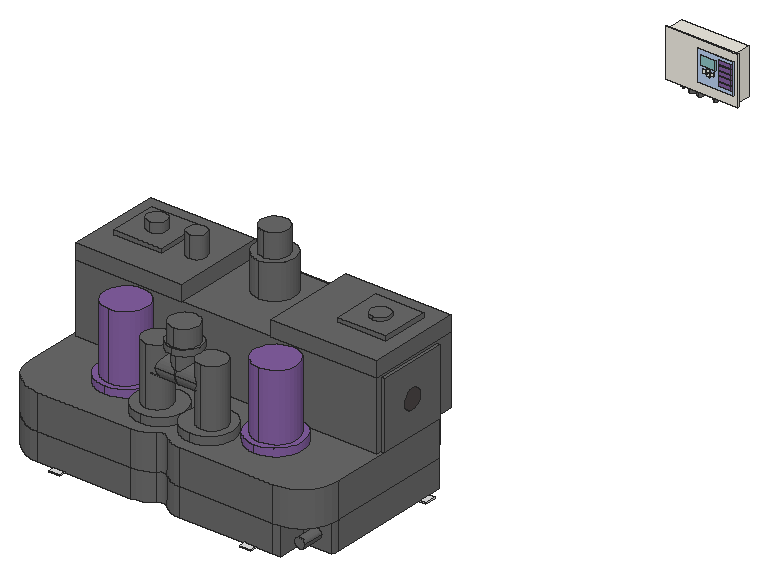
Revit family "11090", category Generic Models, Revit 2021
Family settings
  Can host rebar = No
  Round Connector Dimension = Use Diameter
  Part Type = Normal
  Work Plane-Based = No
  Always vertical = Yes
  Cut with Voids When Loaded = No
  Shared = Yes
  Room Calculation Point = No
Parameters (values of type "11090")
  SUPPLIER = "KESSEL"
  SA700ID49 = "Protection Class I"
  SA700ID48 = "no"
  SA700ID47 = "no"
  SA700ID46 = "yes"
  SA700ID37 = 7000 mm
  SA700ID34 = 38
  SA700ID33 = 1.6 W
  SA700ID32 = 110.79 kg
  SA700ID31 = 1
  SA700ID30 = 2
  SA700ID29 = "RWDR"
  SA700ID21 = 700
  SA700ID10 = "No"
  SA700ID08 = 230 V
  PROCUREWEBLINK = "https://p.caden.as/kessel/11090"
  PROCURELINK = "p.caden.as/kessel/11090"
  PROCUREDATALASTUPDATE = "2024-05-22T12:17:47.905563463+01:00"
  PREVIEW = "../../bilder/ksb_w_11090.png"
  PRC_SPECIFICATIONLINK = "https://ausschreiben.de/catalog/kessel/catalogItem/8577a815-670f-4fc5-bcee-faf0faf70304"
  NN = "Lifting station Aqualift F XL"
  NBSYN = "$SA810ID03."
  NB = "11090"
  Model = "11090"
  Manufacturer = "KESSEL"
  MIdent = "{$CADENAS_DATA/23d-libs/kessel/kessel_vdi_import/4/entwaesserung/hebeanlage20aqualift20f20xl.prj},200 {STYP=ASS},{VTYP=3D},{NB=11090},{LINA=11090},{NN=Lifting station Aqualift F XL},{DATE=21.11.2022 10:48:11},{GEOMDATE=21.11.2022 10:48:11},{VERSION=},{LINEID=90},{WBVAR=LODLEVEL},{WBNUMERIC=LODLEVEL}  {NB=11090},{LINA=11090},{KT=DUMMY},{PREVIEW=../../bilder/ksb_w_11090.png},{SA700ID04=Hebeanlage Aqualift F XL 300 l, Duo, SPF 1400-S1},{SA810ID06=04026092057575},{SA700ID34=38.00},{SA010ID03=201805},{SA810ID03=11090},{SA810ID10=Aqualift F XL 1400W-S1 Duo 300L o.S.KESSEL Aqualift F XL Hebeanlage für fäkalienhaltiges und fäkalienfreies Abwasser. Zur Aufstellung in frostgeschützten Räumen.Duoanlage mit zwei Pumpen des Typs SPF 1400-S1 Sammelbehälter aus Polyethylen, mit verschraubter Reinigungsöffnung,Anschlussstutzen für Zulauf von oben DN100/150.Inklusive Tauchrohr zur pneumatischen Niveauerfassung,Entlüftungsanschluss DN 70 und Anschluss für eine Handmembranpumpe DN 32.Behälter inklusive Haltewinkel zur Auftriebssicherung.Behältervolumen 300 Liter, max. Nutzvolumen bei Zulauf von oben ca. 175 Liter.Zwei seitliche und drei rückseitige Anbohrflächen zur Montage weiterer Zuläufe bis DN 200 unter Verwendung von Durchgangsdichtungen.Inklusive KESSEL Schaltgerät Aqualift Comfort 230 V.Anwenderfreundliche Menüführung im mehrzeiligem Display. MitSelbstdiagnosesystem (SDS) und Erinnerungsfunktion für nächste Wartung.Anzeige der aktuellen Messwerte. Einfache Einstellung derfunktionsrelevanten Parameter, inklusive Betriebsstundenzähler und Anschlussmöglichkeit für potentialfreien Kontakt. OptionaleWeiterleitung von Alarm- und Sammelstörmeldung über GSM Schnittstelle.Schaltgerät mit Volltextanzeige in sechs Sprachen.Abwasserpumpe(n) mit Freistromrad zur Förderung von fäkalienfreiem und fäkalienhaltigem Abwasser gemäß DIN EN 12050-1. Freier Kugeldurchgang mindestens 40 mm. Pumpe(n) überflutungssicher.Inklusive Rückflussverhinderer, mit Druckabgang aus Kunststoff DN 100. Ohne Absperrschieber.Pumpe(n) Typ SPF 1400-S1Fördermenge: max. 38 m³/hFörderhöhe: max. 7 mNennleistung (P2): 1,1 KW je PumpeAufnahmeleistung (P1): 1,6 KW je PumoeBetriebsspannung: 230 V WSNennfrequenz: 50 HzNennstrom: 7,3 AAbsicherung: 1 x 16 A trägeSchutzart (Pumpe): IP68 3mWS/48hSchutzart (Schaltgerät): IP 65Bertiebsart: S1Kabellänge: 5 mAußenmaße Anlage mit 300 Liter Behälter (BxTxH): 1260 x 760 x 770 mmGewicht ca. 110,79 kg},{SA700ID37=7.00},{SA700ID33=1.60},{SA700ID08=230},{SA700ID30=2},{SA700ID32=110.79},{SA700ID49=Schutzklasse I},{SA700ID50=nein},{SA200ID03=6},{SA250ID03=vertikal},{SA260ID03=Trockenläuferpumpe},{SA350ID03=normalansaugend},{SA400ID03=E-Motor für Wechselstrom},{SA460ID03=direkt},{SA500ID03=Kunststoff, Edelstahl},{SA700ID06=100},{SA700ID07=100},{SA700ID09=1/N/PE 230V},{SA700ID10=Nein},{SA700ID11=50},{SA700ID12=IP 68},{SA700ID13=F},{SA700ID15=40},{SA700ID21=700.00},{SA700ID22=1.10},{SA700ID23=1420},{SA700ID24=1420},{SA700ID26=7.30},{SA700ID27=23.00},{SA700ID28=durchgehend},{SA700ID29=RWDR},{SA700ID31=1},{SA700ID46=ja},{SA700ID47=nein},{SA700ID48=nein},{SA110ID04=Hebeanlage Aqualift F XL},{SA300ID03=einstufig},{SA700ID44=10.00},{SA700ID45=10.00},{SA010ID04=KESSEL AG},{LODLEVEL=200},{LINK=https://www.kessel.de/info?han=11090},{SA970ID01=970},{SA970ID02=7180},{SA970ID03=11090},{SA970ID04=11002617},{SA970ID05=QUAD},{SA970ID06=-655.51},{SA970ID07=-635.99},{SA970ID08=0},{SA970ID09=1},{SA970ID10=0},{SA970ID11=0},{SA970ID12=0},{SA970ID13=1},{SA970ID14=0},{SA970ID15=1311.02},{SA970ID16=785.99},{SA970ID17=771},{LODLEVEL_=200,'Low'},{LODLEVEL_DEU=200,'Low'},{LINK_=https://www.kessel.de/info?han=11090},{LINK_DEU=https://www.kessel.de/info?han=11090},{LODLEVEL_3DB=11090_200},{DNIN1=100},{DNIN2=70},{DNIN4=10},{DNIN5=10},{DNIN6=50},{DNIN7=50},{DNIN8=50},{DNIN9=50},{DNOUT1=32},{DNOUT2=100},{DNOUT3=70},{ISD1=96},{ISD2=10},{ISDOUT1=40},{ISDOUT2=70},{ISDOUT3=65},{SA010ID01=010},{SA010ID02=4},{SA010ID06=www.kessel.de},{SA010ID07=www.kessel.de},{SA010ID12=20180713},{SA010ID13=DEU},{SA010ID14=DE},{SA100ID01=100},{SA100ID02=4},{SA100ID04=Entwässerung},{SA110ID01=110},{SA110ID02=6},{SA200ID01=200},{SA200ID02=6},{SA250ID01=250},{SA250ID02=2},{SA260ID01=260},{SA260ID02=2},{SA300ID01=300},{SA300ID02=1},{SA350ID01=350},{SA350ID02=1},{SA400ID01=400},{SA400ID02=1},{SA460ID01=460},{SA460ID02=1},{SA500ID01=500},{SA500ID02=1},{SA700ID01=700},{SA700ID02=68},{SA700ID10_=0},{SA700ID16=0},{SA700ID25=0},{SA700ID46_=1},{SA700ID47_=0},{SA700ID48_=0},{SA700ID49_=1},{SA700ID50_=0},{SA800ID01=800},{SA800ID02=32},{SA810ID01=810},{SA810ID02=68},{SA810ID04=11090},{SA810ID07=68},{SA810ID09=1},{SA810ID14=PCE},{SA810ID15=1},{SA810ID16=NMP},{SA960ID03=68},{SA960ID04=3L},{SA960ID08=https://www.kessel.de/info?han=11090},{SA010ID08=4026092000007},{SA100ID05=Hebeanlage},{SA110ID06=Hebeanlage}"
  LINK = "https://www.kessel.de/info?han=11090"
  LINA = "11090"
  Default Elevation = 0 mm
  CREATOR = "CADENAS GmbH"
  CATALOG = "KESSEL"
  BOMINFO = "LINA"
  ARTICLENO = "NB"
  4.810.00.9 Order quantity (multiplicator) = "1"
  4.810.00.7 Media- connection number = "68"
  4.810.00.6 GTIN number = "04026092057575"
  4.810.00.4 DATANORM number = "11090"
  4.810.00.3 Producer order number = "11090"
  4.710.03.7 Mass (net) = 110.79 kg
  4.710.03.6 Height = 770 mm
  4.710.03.5 Width = 760 mm
  4.710.03.4 Length = 1260 mm
  4.710.03.3 Type of dimensions = "2"
  4.710.02.8 Area of application of wastewater pump = "1"
  4.710.02.6 Duty type = "S1"
  4.710.02.5 Cutting device = "0"
  4.710.02.4 Attached pump control = "1"
  4.710.02.3 Free passage = 40 mm
  4.710.01.6 Option to connect to building automation = "40"
  4.710.01.5 Load regulation = "0"
  4.710.01.4 Designation of closed-loop control = "175"
  4.710.01.3 Identifier for closed-loop control = "300"
  4.700.00.9 Voltage = 0
  4.700.00.8 Nominal connection size on suction side = "100"
  4.700.00.7 Nominal connection size on pressure side = "100"
  4.700.00.6 Type of connection = "100"
  4.700.00.4 Product indentification = "Hebeanlage Aqualift F XL 300 l, Duo, SPF 1400-S1"
  4.700.00.28 Motor pump shaft = "durchgehend"
  4.700.00.27 Starting current = 23
  4.700.00.26 Maximum power consumption per pump / drive = 7.3
  4.700.00.25 Minimum speed at internal speed adjustment = 0
  4.700.00.24 Nominal speed / maximum speed n = 23.6667
  4.700.00.23 Nominal speed of motor = 23.6667
  4.700.00.22 Maximum shaft output (P2) per pump/drive = 1.1 W
  4.700.00.16 Maximum temperature of pumped medium = 0 °C
  4.700.00.15 Increased safety class = "40 °C"
  4.700.00.13 Type of protection = "F"
  4.700.00.12 Frequency = 0
  4.700.00.11 Stern-/Dreieck-Anlaufschaltung bei Dreiphasenanschluss oder Drehstrom = "50 Hz"
  4.700.00.10 Phase = "0"
  4.500.00.3 Variant / Variant type / Accessories-name = "Kunststoff, Edelstahl"
  4.460.00.3 Variant / Variant type / Accessories-name = "direkt"
  4.400.00.3 Variant / Variant type / Accessories-name = "E-Motor für Wechselstrom"
  4.350.00.3 Variant / Variant type / Accessories-name = "normalansaugend"
  4.300.00.3 Variant / Variant type / Accessories-name = "einstufig"
  4.260.00.3 Variant / Variant type / Accessories-name = "Trockenläuferpumpe"
  4.250.00.3 Variant / Variant type / Accessories-name = "vertikal"
  4.200.00.3 Variant / Variant type / Accessories-name = "6"
  4.110.00.6 Product classification = "Hebeanlage"
  4.110.00.4 Product indentification = "Hebeanlage Aqualift F XL"
  4.100.00.5 Main groups of wares = "Hebeanlage"
  4.100.00.4 Product indentification = "Entwässerung"
  4.010.00.8 Producer ID number = "4026092000007"
  4.010.00.7 Comment = "www.kessel.de"
  4.010.00.6 Web address of the manufacturer = "www.kessel.de"
  4.010.00.4 Manufacturer name = "KESSEL AG"
  4.010.00.3 Date of issuance (month) of guideline = "201805"
  4.010.00.2 Sheet number of the guideline = "4"
  4.010.00.14 Kennungen der Projektländer, für die die Datei gültig ist = "DE"
  4.010.00.13 Sprache der Datei = "DEU"
  4.010.00.12 Stand des Herstellerkatalogs = "20180713"
Reference planes
  plane 1 "Center (Front/Back)": y = 0
  plane 2: z = 0
  plane 3 "Center (Left/Right)": x = 0
Dimensions and locks
  aligned and locked: level to plane 2
Nested families
  nested 1: "11090_content" at (0, 0, 0), type "11090_Content"
  nested 2: "11090_part1_X0Y0" at (1000, 1000, 1200), type "11090_PART1_X0Y0"
  nested 3: "11090_part2_X0Y0" at (0, 0, 0), type "11090_PART2_X0Y0"
Connectors
  electrical at (896, 972.5, 1160.5)
    settings: on nested 2, index 1, voltage 230 V, apparent load 0 VA, apparent load phase1 0 VA, apparent load phase2 0 VA, apparent load phase3 0 VA, power factor 1, load classification "Other", number of poles 3, system type 31, power factor state 1, is connector primary yes, connector utility no, sub classification motor no, connector description ""
  piping at (0, 0, 771), diameter 100
    settings: on nested 3, index 2, connector inside diameter 609.6 mm, connector length 0 mm, flow factor 0, pipe flow 0.0 L/s, pressure drop 0.0 Pa, fitting loss kfactor 0, connector angle 0.00°, fixture units 0, engagement length 0 mm, angle of deflection 0.00°, flow configuration 0, flow direction 1, fitting loss method 2, system type 8, joint type 0, gender type 0, connector reference index -1, connector utility 0, adjustable connector no, is connector primary yes, connector description ""
  piping at (631, -84.999, 392), diameter 70
    settings: on nested 3, index 3, connector inside diameter 609.6 mm, connector length 0 mm, flow factor 0, pipe flow 0.0 L/s, pressure drop 0.0 Pa, fitting loss kfactor 0, connector angle 0.00°, fixture units 0, engagement length 0 mm, angle of deflection 0.00°, flow configuration 0, flow direction 0, fitting loss method 2, system type 8, joint type 0, gender type 0, connector reference index -1, connector utility 0, adjustable connector no, is connector primary no, connector description ""
  piping at (358.7, 150.5, 392), diameter 70
    settings: on nested 3, index 4, connector inside diameter 609.6 mm, connector length 0 mm, flow factor 0, pipe flow 0.0 L/s, pressure drop 0.0 Pa, fitting loss kfactor 0, connector angle 0.00°, fixture units 0, engagement length 0 mm, angle of deflection 0.00°, flow configuration 0, flow direction 0, fitting loss method 2, system type 8, joint type 0, gender type 0, connector reference index -1, connector utility 0, adjustable connector no, is connector primary no, connector description ""
  piping at (0, 150.5, 392), diameter 70
    settings: on nested 3, index 5, connector inside diameter 609.6 mm, connector length 0 mm, flow factor 0, pipe flow 0.0 L/s, pressure drop 0.0 Pa, fitting loss kfactor 0, connector angle 0.00°, fixture units 0, engagement length 0 mm, angle of deflection 0.00°, flow configuration 0, flow direction 0, fitting loss method 2, system type 8, joint type 0, gender type 0, connector reference index -1, connector utility 0, adjustable connector no, is connector primary no, connector description ""
  piping at (-630, -85, 392), diameter 70
    settings: on nested 3, index 6, connector inside diameter 609.6 mm, connector length 0 mm, flow factor 0, pipe flow 0.0 L/s, pressure drop 0.0 Pa, fitting loss kfactor 0, connector angle 0.00°, fixture units 0, engagement length 0 mm, angle of deflection 0.00°, flow configuration 0, flow direction 0, fitting loss method 2, system type 8, joint type 0, gender type 0, connector reference index -1, connector utility 0, adjustable connector no, is connector primary no, connector description ""
  piping at (0, -460, 620), diameter 100
    settings: on nested 3, index 7, connector inside diameter 609.6 mm, connector length 0 mm, flow factor 0, pipe flow 0.0 L/s, pressure drop 0.0 Pa, fitting loss kfactor 0, connector angle 0.00°, fixture units 0, engagement length 0 mm, angle of deflection 0.00°, flow configuration 0, flow direction 2, fitting loss method 2, system type 7, joint type 0, gender type 0, connector reference index -1, connector utility 0, adjustable connector no, is connector primary no, connector description ""
  piping at (-269.5, -60, 681), diameter 70
    settings: on nested 3, index 8, connector inside diameter 609.6 mm, connector length 0 mm, flow factor 0, pipe flow 0.0 L/s, pressure drop 0.0 Pa, fitting loss kfactor 0, connector angle 0.00°, fixture units 0, engagement length 0 mm, angle of deflection 0.00°, flow configuration 0, flow direction 2, fitting loss method 2, system type 7, joint type 0, gender type 0, connector reference index -1, connector utility 0, adjustable connector no, is connector primary no, connector description ""
  piping at (565, -575.5, 56), diameter 32
    settings: on nested 3, index 9, connector inside diameter 609.6 mm, connector length 0 mm, flow factor 0, pipe flow 0.0 L/s, pressure drop 0.0 Pa, fitting loss kfactor 0, connector angle 0.00°, fixture units 0, engagement length 0 mm, angle of deflection 0.00°, flow configuration 0, flow direction 2, fitting loss method 2, system type 7, joint type 0, gender type 0, connector reference index -1, connector utility 0, adjustable connector no, is connector primary no, connector description ""
  piping at (-357.7, 150.5, 392), diameter 70
    settings: on nested 3, index 10, connector inside diameter 609.6 mm, connector length 0 mm, flow factor 0, pipe flow 0.0 L/s, pressure drop 0.0 Pa, fitting loss kfactor 0, connector angle 0.00°, fixture units 0, engagement length 0 mm, angle of deflection 0.00°, flow configuration 0, flow direction 0, fitting loss method 2, system type 29, joint type 0, gender type 0, connector reference index -1, connector utility 0, adjustable connector no, is connector primary no, connector description ""
  electrical at (305.4, -376.25, 557)
    settings: on nested 3, index 11, voltage 0 V, apparent load 0 VA, apparent load phase1 0 VA, apparent load phase2 0 VA, apparent load phase3 0 VA, power factor 1, load classification "Other", number of poles 1, system type 31, power factor state 1, is connector primary no, connector utility no, sub classification motor no, connector description ""
  electrical at (-305.4, -376.25, 557)
    settings: on nested 3, index 12, voltage 0 V, apparent load 0 VA, apparent load phase1 0 VA, apparent load phase2 0 VA, apparent load phase3 0 VA, power factor 1, load classification "Other", number of poles 1, system type 31, power factor state 1, is connector primary no, connector utility no, sub classification motor no, connector description ""
  electrical at (-457, -29.5, 650)
    settings: on nested 3, index 13, voltage 0 V, apparent load 0 VA, apparent load phase1 0 VA, apparent load phase2 0 VA, apparent load phase3 0 VA, power factor 1, load classification "Other", number of poles 1, system type 31, power factor state 1, is connector primary no, connector utility no, sub classification motor no, connector description ""
Definition of nested family "11090_part1_X0Y0"
  Parameters (values of type "11090_PART1_X0Y0")
    SUPPLIER = "KESSEL"
    SA700ID49 = "Protection Class I"
    SA700ID48 = "no"
    SA700ID47 = "no"
    SA700ID46 = "yes"
    SA700ID37 = 7000 mm
    SA700ID34 = 38
    SA700ID33 = 1.6 W
    SA700ID32 = 110.79 kg
    SA700ID31 = 1
    SA700ID30 = 2
    SA700ID29 = "RWDR"
    SA700ID21 = 700
    SA700ID10 = "No"
    SA700ID08 = 230 V
    PREVIEW = "../../bilder/ksb_w_11090.png"
    NBSYN = "$SA810ID03._PART1"
    NB = "11090_PART1"
    Model = "11090_PART1"
    Manufacturer = "KESSEL"
    MIdent = "{$CADENAS_DATA/23d-libs/kessel/kessel_vdi_import/4/entwaesserung/hebeanlage20aqualift20f20xl.prj},220 {VTYP=3D},{NB=11090_PART1},{LINA=11090_PART1},{NN=Lifting station Aqualift F XL_PART1},{NOPRJ=TRUE},{DATE=21.11.2022 10:48:11},{GEOMDATE=21.11.2022 10:48:11},{VERSION=},{LINEID=90},{WBVAR=LODLEVEL},{WBNUMERIC=LODLEVEL}  {NB=11090_PART1},{LINA=11090_PART1},{KT=DUMMY},{PREVIEW=../../bilder/ksb_w_11090.png},{SA700ID04=Hebeanlage Aqualift F XL 300 l, Duo, SPF 1400-S1},{SA810ID06=04026092057575},{SA700ID34=38.00},{SA010ID03=201805},{SA810ID03=11090},{SA810ID10=Aqualift F XL 1400W-S1 Duo 300L o.S.KESSEL Aqualift F XL Hebeanlage für fäkalienhaltiges und fäkalienfreies Abwasser. Zur Aufstellung in frostgeschützten Räumen.Duoanlage mit zwei Pumpen des Typs SPF 1400-S1 Sammelbehälter aus Polyethylen, mit verschraubter Reinigungsöffnung,Anschlussstutzen für Zulauf von oben DN100/150.Inklusive Tauchrohr zur pneumatischen Niveauerfassung,Entlüftungsanschluss DN 70 und Anschluss für eine Handmembranpumpe DN 32.Behälter inklusive Haltewinkel zur Auftriebssicherung.Behältervolumen 300 Liter, max. Nutzvolumen bei Zulauf von oben ca. 175 Liter.Zwei seitliche und drei rückseitige Anbohrflächen zur Montage weiterer Zuläufe bis DN 200 unter Verwendung von Durchgangsdichtungen.Inklusive KESSEL Schaltgerät Aqualift Comfort 230 V.Anwenderfreundliche Menüführung im mehrzeiligem Display. MitSelbstdiagnosesystem (SDS) und Erinnerungsfunktion für nächste Wartung.Anzeige der aktuellen Messwerte. Einfache Einstellung derfunktionsrelevanten Parameter, inklusive Betriebsstundenzähler und Anschlussmöglichkeit für potentialfreien Kontakt. OptionaleWeiterleitung von Alarm- und Sammelstörmeldung über GSM Schnittstelle.Schaltgerät mit Volltextanzeige in sechs Sprachen.Abwasserpumpe(n) mit Freistromrad zur Förderung von fäkalienfreiem und fäkalienhaltigem Abwasser gemäß DIN EN 12050-1. Freier Kugeldurchgang mindestens 40 mm. Pumpe(n) überflutungssicher.Inklusive Rückflussverhinderer, mit Druckabgang aus Kunststoff DN 100. Ohne Absperrschieber.Pumpe(n) Typ SPF 1400-S1Fördermenge: max. 38 m³/hFörderhöhe: max. 7 mNennleistung (P2): 1,1 KW je PumpeAufnahmeleistung (P1): 1,6 KW je PumoeBetriebsspannung: 230 V WSNennfrequenz: 50 HzNennstrom: 7,3 AAbsicherung: 1 x 16 A trägeSchutzart (Pumpe): IP68 3mWS/48hSchutzart (Schaltgerät): IP 65Bertiebsart: S1Kabellänge: 5 mAußenmaße Anlage mit 300 Liter Behälter (BxTxH): 1260 x 760 x 770 mmGewicht ca. 110,79 kg},{SA700ID37=7.00},{SA700ID33=1.60},{SA700ID08=230},{SA700ID30=2},{SA700ID32=110.79},{SA700ID49=Schutzklasse I},{SA700ID50=nein},{SA200ID03=6},{SA250ID03=vertikal},{SA260ID03=Trockenläuferpumpe},{SA350ID03=normalansaugend},{SA400ID03=E-Motor für Wechselstrom},{SA460ID03=direkt},{SA500ID03=Kunststoff, Edelstahl},{SA700ID06=100},{SA700ID07=100},{SA700ID09=1/N/PE 230V},{SA700ID10=Nein},{SA700ID11=50},{SA700ID12=IP 68},{SA700ID13=F},{SA700ID15=40},{SA700ID21=700.00},{SA700ID22=1.10},{SA700ID23=1420},{SA700ID24=1420},{SA700ID26=7.30},{SA700ID27=23.00},{SA700ID28=durchgehend},{SA700ID29=RWDR},{SA700ID31=1},{SA700ID46=ja},{SA700ID47=nein},{SA700ID48=nein},{SA110ID04=Hebeanlage Aqualift F XL},{SA300ID03=einstufig},{SA700ID44=10.00},{SA700ID45=10.00},{SA010ID04=KESSEL AG},{LODLEVEL=200},{LINK=https://www.kessel.de/info?han=11090},{SA970ID01=970},{SA970ID02=7180},{SA970ID03=11090},{SA970ID04=11002617},{SA970ID05=QUAD},{SA970ID06=-655.51},{SA970ID07=-635.99},{SA970ID08=0},{SA970ID09=1},{SA970ID10=0},{SA970ID11=0},{SA970ID12=0},{SA970ID13=1},{SA970ID14=0},{SA970ID15=1311.02},{SA970ID16=785.99},{SA970ID17=771},{LODLEVEL_=200,'Low'},{LODLEVEL_DEU=200,'Low'},{LINK_=https://www.kessel.de/info?han=11090},{LINK_DEU=https://www.kessel.de/info?han=11090},{LODLEVEL_3DB=11090_200},{DNIN1=100},{DNIN2=70},{DNIN4=10},{DNIN5=10},{DNIN6=50},{DNIN7=50},{DNIN8=50},{DNIN9=50},{DNOUT1=32},{DNOUT2=100},{DNOUT3=70},{ISD1=96},{ISD2=10},{ISDOUT1=40},{ISDOUT2=70},{ISDOUT3=65},{SA010ID01=010},{SA010ID02=4},{SA010ID06=www.kessel.de},{SA010ID07=www.kessel.de},{SA010ID12=20180713},{SA010ID13=DEU},{SA010ID14=DE},{SA100ID01=100},{SA100ID02=4},{SA100ID04=Entwässerung},{SA110ID01=110},{SA110ID02=6},{SA200ID01=200},{SA200ID02=6},{SA250ID01=250},{SA250ID02=2},{SA260ID01=260},{SA260ID02=2},{SA300ID01=300},{SA300ID02=1},{SA350ID01=350},{SA350ID02=1},{SA400ID01=400},{SA400ID02=1},{SA460ID01=460},{SA460ID02=1},{SA500ID01=500},{SA500ID02=1},{SA700ID01=700},{SA700ID02=68},{SA700ID10_=0},{SA700ID16=0},{SA700ID25=0},{SA700ID46_=1},{SA700ID47_=0},{SA700ID48_=0},{SA700ID49_=1},{SA700ID50_=0},{SA800ID01=800},{SA800ID02=32},{SA810ID01=810},{SA810ID02=68},{SA810ID04=11090},{SA810ID07=68},{SA810ID09=1},{SA810ID14=PCE},{SA810ID15=1},{SA810ID16=NMP},{SA960ID03=68},{SA960ID04=3L},{SA960ID08=https://www.kessel.de/info?han=11090},{SA010ID08=4026092000007},{SA100ID05=Hebeanlage},{SA110ID06=Hebeanlage}"
    LINK = "https://www.kessel.de/info?han=11090"
    LINA = "11090_PART1"
    Default Elevation = 1219.2 mm
    CREATOR = "CADENAS GmbH"
    CATALOG = "KESSEL"
    BOMINFO = "LINA"
    ARTICLENO = "NB"
    4.810.00.9 Order quantity (multiplicator) = "1"
    4.810.00.7 Media- connection number = "68"
    4.810.00.6 GTIN number = "04026092057575"
    4.810.00.4 DATANORM number = "11090"
    4.810.00.3 Producer order number = "11090"
    4.710.03.7 Mass (net) = 110.79 kg
    4.710.03.6 Height = 770 mm
    4.710.03.5 Width = 760 mm
    4.710.03.4 Length = 1260 mm
    4.710.03.3 Type of dimensions = "2"
    4.710.02.8 Area of application of wastewater pump = "1"
    4.710.02.6 Duty type = "S1"
    4.710.02.5 Cutting device = "0"
    4.710.02.4 Attached pump control = "1"
    4.710.02.3 Free passage = 40 mm
    4.710.01.6 Option to connect to building automation = "40"
    4.710.01.5 Load regulation = "0"
    4.710.01.4 Designation of closed-loop control = "175"
    4.710.01.3 Identifier for closed-loop control = "300"
    4.700.00.9 Voltage = 0
    4.700.00.8 Nominal connection size on suction side = "100"
    4.700.00.7 Nominal connection size on pressure side = "100"
    4.700.00.6 Type of connection = "100"
    4.700.00.4 Product indentification = "Hebeanlage Aqualift F XL 300 l, Duo, SPF 1400-S1"
    4.700.00.28 Motor pump shaft = "durchgehend"
    4.700.00.27 Starting current = 23
    4.700.00.26 Maximum power consumption per pump / drive = 7.3
    4.700.00.25 Minimum speed at internal speed adjustment = 0
    4.700.00.24 Nominal speed / maximum speed n = 23.6667
    4.700.00.23 Nominal speed of motor = 23.6667
    4.700.00.22 Maximum shaft output (P2) per pump/drive = 1.1 W
    4.700.00.16 Maximum temperature of pumped medium = 0 °C
    4.700.00.15 Increased safety class = "40 °C"
    4.700.00.13 Type of protection = "F"
    4.700.00.12 Frequency = 0
    4.700.00.11 Stern-/Dreieck-Anlaufschaltung bei Dreiphasenanschluss oder Drehstrom = "50 Hz"
    4.700.00.10 Phase = "0"
    4.500.00.3 Variant / Variant type / Accessories-name = "Kunststoff, Edelstahl"
    4.460.00.3 Variant / Variant type / Accessories-name = "direkt"
    4.400.00.3 Variant / Variant type / Accessories-name = "E-Motor für Wechselstrom"
    4.350.00.3 Variant / Variant type / Accessories-name = "normalansaugend"
    4.300.00.3 Variant / Variant type / Accessories-name = "einstufig"
    4.260.00.3 Variant / Variant type / Accessories-name = "Trockenläuferpumpe"
    4.250.00.3 Variant / Variant type / Accessories-name = "vertikal"
    4.200.00.3 Variant / Variant type / Accessories-name = "6"
    4.110.00.6 Product classification = "Hebeanlage"
    4.110.00.4 Product indentification = "Hebeanlage Aqualift F XL"
    4.100.00.5 Main groups of wares = "Hebeanlage"
    4.100.00.4 Product indentification = "Entwässerung"
    4.010.00.8 Producer ID number = "4026092000007"
    4.010.00.7 Comment = "www.kessel.de"
    4.010.00.6 Web address of the manufacturer = "www.kessel.de"
    4.010.00.4 Manufacturer name = "KESSEL AG"
    4.010.00.3 Date of issuance (month) of guideline = "201805"
    4.010.00.2 Sheet number of the guideline = "4"
    4.010.00.14 Kennungen der Projektländer, für die die Datei gültig ist = "DE"
    4.010.00.13 Sprache der Datei = "DEU"
    4.010.00.12 Stand des Herstellerkatalogs = "20180713"
  Reference planes
    plane 1 "Center (Front/Back)": y = 0
    plane 2: z = 0
    plane 3 "Center (Left/Right)": x = 0
  Dimensions and locks
    aligned and locked: level to plane 2
  Nested families
    nested 1: "11090_part1_content" at (0, 0, 0), type "11090_PART1_Content"
  Definition of nested family "11090_part1_content"
    Parameters (values of type "11090_PART1_Content")
      SUPPLIER = "KESSEL"
      SA700ID49 = "Protection Class I"
      SA700ID48 = "no"
      SA700ID47 = "no"
      SA700ID46 = "yes"
      SA700ID37 = 7000 mm
      SA700ID34 = 38
      SA700ID33 = 1.6 W
      SA700ID32 = 110.79 kg
      SA700ID31 = 1
      SA700ID30 = 2
      SA700ID29 = "RWDR"
      SA700ID21 = 700
      SA700ID10 = "No"
      SA700ID08 = 230 V
      PREVIEW = "../../bilder/ksb_w_11090.png"
      NBSYN = "$SA810ID03._PART1"
      NB = "11090_PART1"
      Model = "11090_PART1"
      Manufacturer = "KESSEL"
      LINK = "https://www.kessel.de/info?han=11090"
      LINA = "11090_PART1"
      Default Elevation = 1219.2 mm
      CREATOR = "CADENAS GmbH"
      CATALOG = "KESSEL"
      BOMINFO = "LINA"
      ARTICLENO = "NB"
      4.810.00.9 Order quantity (multiplicator) = "1"
      4.810.00.7 Media- connection number = "68"
      4.810.00.6 GTIN number = "04026092057575"
      4.810.00.4 DATANORM number = "11090"
      4.810.00.3 Producer order number = "11090"
      4.710.03.7 Mass (net) = 110.79 kg
      4.710.03.6 Height = 770 mm
      4.710.03.5 Width = 760 mm
      4.710.03.4 Length = 1260 mm
      4.710.03.3 Type of dimensions = "2"
      4.710.02.8 Area of application of wastewater pump = "1"
      4.710.02.6 Duty type = "S1"
      4.710.02.5 Cutting device = "0"
      4.710.02.4 Attached pump control = "1"
      4.710.02.3 Free passage = 40 mm
      4.710.01.6 Option to connect to building automation = "40"
      4.710.01.5 Load regulation = "0"
      4.710.01.4 Designation of closed-loop control = "175"
      4.710.01.3 Identifier for closed-loop control = "300"
      4.700.00.9 Voltage = 0
      4.700.00.8 Nominal connection size on suction side = "100"
      4.700.00.7 Nominal connection size on pressure side = "100"
      4.700.00.6 Type of connection = "100"
      4.700.00.4 Product indentification = "Hebeanlage Aqualift F XL 300 l, Duo, SPF 1400-S1"
      4.700.00.28 Motor pump shaft = "durchgehend"
      4.700.00.27 Starting current = 23
      4.700.00.26 Maximum power consumption per pump / drive = 7.3
      4.700.00.25 Minimum speed at internal speed adjustment = 0
      4.700.00.24 Nominal speed / maximum speed n = 23.6667
      4.700.00.23 Nominal speed of motor = 23.6667
      4.700.00.22 Maximum shaft output (P2) per pump/drive = 1.1 W
      4.700.00.16 Maximum temperature of pumped medium = 0 °C
      4.700.00.15 Increased safety class = "40 °C"
      4.700.00.13 Type of protection = "F"
      4.700.00.12 Frequency = 0
      4.700.00.11 Stern-/Dreieck-Anlaufschaltung bei Dreiphasenanschluss oder Drehstrom = "50 Hz"
      4.700.00.10 Phase = "0"
      4.500.00.3 Variant / Variant type / Accessories-name = "Kunststoff, Edelstahl"
      4.460.00.3 Variant / Variant type / Accessories-name = "direkt"
      4.400.00.3 Variant / Variant type / Accessories-name = "E-Motor für Wechselstrom"
      4.350.00.3 Variant / Variant type / Accessories-name = "normalansaugend"
      4.300.00.3 Variant / Variant type / Accessories-name = "einstufig"
      4.260.00.3 Variant / Variant type / Accessories-name = "Trockenläuferpumpe"
      4.250.00.3 Variant / Variant type / Accessories-name = "vertikal"
      4.200.00.3 Variant / Variant type / Accessories-name = "6"
      4.110.00.6 Product classification = "Hebeanlage"
      4.110.00.4 Product indentification = "Hebeanlage Aqualift F XL"
      4.100.00.5 Main groups of wares = "Hebeanlage"
      4.100.00.4 Product indentification = "Entwässerung"
      4.010.00.8 Producer ID number = "4026092000007"
      4.010.00.7 Comment = "www.kessel.de"
      4.010.00.6 Web address of the manufacturer = "www.kessel.de"
      4.010.00.4 Manufacturer name = "KESSEL AG"
      4.010.00.3 Date of issuance (month) of guideline = "201805"
      4.010.00.2 Sheet number of the guideline = "4"
      4.010.00.14 Kennungen der Projektländer, für die die Datei gültig ist = "DE"
      4.010.00.13 Sprache der Datei = "DEU"
      4.010.00.12 Stand des Herstellerkatalogs = "20180713"
    Reference planes
      plane 1 "Center (Front/Back)": y = 0
      plane 2: z = 0
      plane 3 "Center (Left/Right)": x = 0
    Forms (mm)
      Extrusion 1, solid, detail levels medium+fine
        sketch origin (49.8, -68, 72.1) x (0, -1, 0) y (0, 0, 1)
          loop
            line (-0.5, 12) -> (-0.5, 0) -> (1, 0) -> (1, 12) -> (-0.5, 12)
        from 0 to 12
      Extrusion 2, solid, detail levels medium+fine
        sketch origin (129.3, -67, 28.2) x (0, -1, 0) y (0, 0, 1)
          loop
            line (-0.5, 127) -> (-0.5, 0) -> (1, 0) -> (1, 127) -> (-0.5, 127)
        from 0 to 146
      Extrusion 3, solid, detail levels medium+fine
        sketch origin (33.3, -68, 80.45) x (0, -1, 0) y (0, 0, 1)
          loop
            line (-0.5, 12) -> (-0.5, 0) -> (1, 0) -> (1, 12) -> (-0.5, 12)
        from 0 to 12
      Extrusion 4, solid, detail levels medium+fine
        sketch origin (33.3, -68, 63.95) x (0, -1, 0) y (0, 0, 1)
          loop
            line (-0.5, 12) -> (-0.5, 0) -> (1, 0) -> (1, 12) -> (-0.5, 12)
        from 0 to 12
      Extrusion 5, solid, detail levels medium+fine
        sketch origin (56.3, -68, 95.45) x (0, -1, 0) y (0, 0, 1)
          loop
            line (-0.5, 37) -> (-0.5, 0) -> (1, 0) -> (1, 37) -> (-0.5, 37)
        from 0 to 60
      Extrusion 6, solid, detail levels medium+fine
        sketch origin (121.8, -68, 85.7) x (0, -1, 0) y (0, 0, 1)
          loop
            line (0, 16) -> (0, 0) -> (2, 0) -> (2, 16) -> (0, 16)
        from 0 to 51
      Extrusion 7, solid, detail levels medium+fine
        sketch origin (121.8, -68, 65.7) x (0, -1, 0) y (0, 0, 1)
          loop
            line (0, 16) -> (0, 0) -> (2, 0) -> (2, 16) -> (0, 16)
        from 0 to 51
      Extrusion 8, solid, detail levels medium+fine
        sketch origin (121.8, -68, 105.7) x (0, -1, 0) y (0, 0, 1)
          loop
            line (0, 16) -> (0, 0) -> (2, 0) -> (2, 16) -> (0, 16)
        from 0 to 51
      Extrusion 9, solid, detail levels medium+fine
        sketch origin (16.8, -68, 72.2) x (0, -1, 0) y (0, 0, 1)
          loop
            line (-0.5, 12) -> (-0.5, 0) -> (1, 0) -> (1, 12) -> (-0.5, 12)
        from 0 to 12
      Extrusion 10, solid, detail levels medium+fine
        sketch origin (121.8, -68, 45.7) x (0, -1, 0) y (0, 0, 1)
          loop
            line (0, 16) -> (0, 0) -> (2, 0) -> (2, 16) -> (0, 16)
        from 0 to 51
      Extrusion 11, solid, detail levels medium+fine
        sketch origin (147, -63.5, -7) x (0, -1, 0) y (0, 0, 1)
          loop
            line (0, 194) -> (0, 0) -> (3.5, 0) -> (3.5, 194) -> (0, 194)
        from 0 to 294
      Extrusion 12, solid, detail levels medium+fine
        sketch origin (136.25, 0, 0) x (0, -1, 0) y (0, 0, 1)
          loop
            line (0, 184) -> (0, 0) -> (63.5, 0) -> (63.5, 184) -> (0, 184)
        from 0 to 272.5
      Extrusion 13, solid, detail levels medium+fine
        sketch origin (121.75, -68, 125.75) x (0, -1, 0) y (0, 0, 1)
          loop
            line (0, 16) -> (0, 0) -> (2, 0) -> (2, 16) -> (0, 16)
        from 0 to 51
      Extrusion 14, solid, detail levels medium+fine
        sketch origin (26, -27.5, 0) x (1, 0, 0) y (0, -1, 0)
          loop
            circle (0, 0) r 11
        from 0 to 11
      Extrusion 15, solid, detail levels medium+fine
        sketch origin (26, -27.5, -11) x (1, 0, 0) y (0, -1, 0)
          loop
            circle (0, 0) r 11
        from 0 to 19.8
      Extrusion 16, solid, detail levels medium+fine
        sketch origin (26, -27.5, -30.7) x (1, 0, 0) y (0, -1, 0)
          loop
            circle (0, 0) r 6
        from 0 to 13.75
      Extrusion 17, solid, detail levels medium+fine
        sketch origin (2, -27.5, 0) x (1, 0, 0) y (0, -1, 0)
          loop
            circle (0, 0) r 11
        from 0 to 20
      Extrusion 18, solid, detail levels medium+fine
        sketch origin (2, -27.5, -20) x (1, 0, 0) y (0, -1, 0)
          loop
            circle (0, 0) r 8.65
        from 0 to 9.8
      Extrusion 19, solid, detail levels medium+fine
        sketch origin (-36, -27.5, 0) x (1, 0, 0) y (0, -1, 0)
          loop
            circle (0, 0) r 12
        from 0 to 15
      Extrusion 20, solid, detail levels medium+fine
        sketch origin (-36, -27.5, -15) x (1, 0, 0) y (0, -1, 0)
          loop
            circle (0, 0) r 11.75
        from 0 to 27.1
      Extrusion 21, solid, detail levels medium+fine
        sketch origin (54, -27.5, 0) x (1, 0, 0) y (0, -1, 0)
          loop
            circle (0, 0) r 10
        from 0 to 1.5
      Extrusion 22, solid, detail levels medium+fine
        sketch origin (-70, -27.5, 0) x (1, 0, 0) y (0, -1, 0)
          loop
            circle (0, 0) r 12
        from 0 to 15
      Extrusion 23, solid, detail levels medium+fine
        sketch origin (-70, -27.5, -15) x (1, 0, 0) y (0, -1, 0)
          loop
            circle (0, 0) r 11.75
        from 0 to 27.1
      Extrusion 24, solid, detail levels medium+fine
        sketch origin (82, -27.5, 0) x (1, 0, 0) y (0, -1, 0)
          loop
            circle (0, 0) r 10
        from 0 to 1.5
      Extrusion 25, solid, detail levels medium+fine
        sketch origin (-104, -27.5, 0) x (1, 0, 0) y (0, -1, 0)
          loop
            circle (0, 0) r 10
        from 0 to 9
      Extrusion 26, solid, detail levels medium+fine
        sketch origin (-104, -27.5, -9) x (1, 0, 0) y (0, -1, 0)
          loop
            circle (0, 0) r 11
        from 0 to 20.5
      Extrusion 27, solid, detail levels medium+fine
        sketch origin (-104, -27.5, -29.5) x (1, 0, 0) y (0, -1, 0)
          loop
            circle (0, 0) r 3
        from 0 to 10
      Extrusion 28, solid, detail levels medium+fine
        sketch origin (110, -27.5, 0) x (1, 0, 0) y (0, -1, 0)
          loop
            circle (0, 0) r 13.5
        from 0 to 1.5
      Extrusion 29, solid, detail levels coarse
        sketch origin (0, -35, -44.45) x (1, 0, 0) y (0, 1, 0)
          loop
            line (-147, -35) -> (147, -35) -> (147, 35) -> (-147, 35) -> (-147, -35)
        from 0 to 231.45
    Dimensions and locks
      aligned and locked: level to plane 2
Definition of nested family "11090_part2_X0Y0"
  Parameters (values of type "11090_PART2_X0Y0")
    SUPPLIER = "KESSEL"
    SA700ID49 = "Protection Class I"
    SA700ID48 = "no"
    SA700ID47 = "no"
    SA700ID46 = "yes"
    SA700ID37 = 7000 mm
    SA700ID34 = 38
    SA700ID33 = 1.6 W
    SA700ID32 = 110.79 kg
    SA700ID31 = 1
    SA700ID30 = 2
    SA700ID29 = "RWDR"
    SA700ID21 = 700
    SA700ID10 = "No"
    SA700ID08 = 230 V
    PREVIEW = "../../bilder/ksb_w_11090.png"
    NBSYN = "$SA810ID03._PART2"
    NB = "11090_PART2"
    Model = "11090_PART2"
    Manufacturer = "KESSEL"
    MIdent = "{$CADENAS_DATA/23d-libs/kessel/kessel_vdi_import/4/entwaesserung/hebeanlage20aqualift20f20xl.prj},220 {VTYP=3D},{NB=11090_PART2},{LINA=11090_PART2},{NN=Lifting station Aqualift F XL_PART2},{NOPRJ=TRUE},{DATE=21.11.2022 10:48:11},{GEOMDATE=21.11.2022 10:48:11},{VERSION=},{LINEID=90},{WBVAR=LODLEVEL},{WBNUMERIC=LODLEVEL}  {NB=11090_PART2},{LINA=11090_PART2},{KT=DUMMY},{PREVIEW=../../bilder/ksb_w_11090.png},{SA700ID04=Hebeanlage Aqualift F XL 300 l, Duo, SPF 1400-S1},{SA810ID06=04026092057575},{SA700ID34=38.00},{SA010ID03=201805},{SA810ID03=11090},{SA810ID10=Aqualift F XL 1400W-S1 Duo 300L o.S.KESSEL Aqualift F XL Hebeanlage für fäkalienhaltiges und fäkalienfreies Abwasser. Zur Aufstellung in frostgeschützten Räumen.Duoanlage mit zwei Pumpen des Typs SPF 1400-S1 Sammelbehälter aus Polyethylen, mit verschraubter Reinigungsöffnung,Anschlussstutzen für Zulauf von oben DN100/150.Inklusive Tauchrohr zur pneumatischen Niveauerfassung,Entlüftungsanschluss DN 70 und Anschluss für eine Handmembranpumpe DN 32.Behälter inklusive Haltewinkel zur Auftriebssicherung.Behältervolumen 300 Liter, max. Nutzvolumen bei Zulauf von oben ca. 175 Liter.Zwei seitliche und drei rückseitige Anbohrflächen zur Montage weiterer Zuläufe bis DN 200 unter Verwendung von Durchgangsdichtungen.Inklusive KESSEL Schaltgerät Aqualift Comfort 230 V.Anwenderfreundliche Menüführung im mehrzeiligem Display. MitSelbstdiagnosesystem (SDS) und Erinnerungsfunktion für nächste Wartung.Anzeige der aktuellen Messwerte. Einfache Einstellung derfunktionsrelevanten Parameter, inklusive Betriebsstundenzähler und Anschlussmöglichkeit für potentialfreien Kontakt. OptionaleWeiterleitung von Alarm- und Sammelstörmeldung über GSM Schnittstelle.Schaltgerät mit Volltextanzeige in sechs Sprachen.Abwasserpumpe(n) mit Freistromrad zur Förderung von fäkalienfreiem und fäkalienhaltigem Abwasser gemäß DIN EN 12050-1. Freier Kugeldurchgang mindestens 40 mm. Pumpe(n) überflutungssicher.Inklusive Rückflussverhinderer, mit Druckabgang aus Kunststoff DN 100. Ohne Absperrschieber.Pumpe(n) Typ SPF 1400-S1Fördermenge: max. 38 m³/hFörderhöhe: max. 7 mNennleistung (P2): 1,1 KW je PumpeAufnahmeleistung (P1): 1,6 KW je PumoeBetriebsspannung: 230 V WSNennfrequenz: 50 HzNennstrom: 7,3 AAbsicherung: 1 x 16 A trägeSchutzart (Pumpe): IP68 3mWS/48hSchutzart (Schaltgerät): IP 65Bertiebsart: S1Kabellänge: 5 mAußenmaße Anlage mit 300 Liter Behälter (BxTxH): 1260 x 760 x 770 mmGewicht ca. 110,79 kg},{SA700ID37=7.00},{SA700ID33=1.60},{SA700ID08=230},{SA700ID30=2},{SA700ID32=110.79},{SA700ID49=Schutzklasse I},{SA700ID50=nein},{SA200ID03=6},{SA250ID03=vertikal},{SA260ID03=Trockenläuferpumpe},{SA350ID03=normalansaugend},{SA400ID03=E-Motor für Wechselstrom},{SA460ID03=direkt},{SA500ID03=Kunststoff, Edelstahl},{SA700ID06=100},{SA700ID07=100},{SA700ID09=1/N/PE 230V},{SA700ID10=Nein},{SA700ID11=50},{SA700ID12=IP 68},{SA700ID13=F},{SA700ID15=40},{SA700ID21=700.00},{SA700ID22=1.10},{SA700ID23=1420},{SA700ID24=1420},{SA700ID26=7.30},{SA700ID27=23.00},{SA700ID28=durchgehend},{SA700ID29=RWDR},{SA700ID31=1},{SA700ID46=ja},{SA700ID47=nein},{SA700ID48=nein},{SA110ID04=Hebeanlage Aqualift F XL},{SA300ID03=einstufig},{SA700ID44=10.00},{SA700ID45=10.00},{SA010ID04=KESSEL AG},{LODLEVEL=200},{LINK=https://www.kessel.de/info?han=11090},{SA970ID01=970},{SA970ID02=7180},{SA970ID03=11090},{SA970ID04=11002617},{SA970ID05=QUAD},{SA970ID06=-655.51},{SA970ID07=-635.99},{SA970ID08=0},{SA970ID09=1},{SA970ID10=0},{SA970ID11=0},{SA970ID12=0},{SA970ID13=1},{SA970ID14=0},{SA970ID15=1311.02},{SA970ID16=785.99},{SA970ID17=771},{LODLEVEL_=200,'Low'},{LODLEVEL_DEU=200,'Low'},{LINK_=https://www.kessel.de/info?han=11090},{LINK_DEU=https://www.kessel.de/info?han=11090},{LODLEVEL_3DB=11090_200},{DNIN1=100},{DNIN2=70},{DNIN4=10},{DNIN5=10},{DNIN6=50},{DNIN7=50},{DNIN8=50},{DNIN9=50},{DNOUT1=32},{DNOUT2=100},{DNOUT3=70},{ISD1=96},{ISD2=10},{ISDOUT1=40},{ISDOUT2=70},{ISDOUT3=65},{SA010ID01=010},{SA010ID02=4},{SA010ID06=www.kessel.de},{SA010ID07=www.kessel.de},{SA010ID12=20180713},{SA010ID13=DEU},{SA010ID14=DE},{SA100ID01=100},{SA100ID02=4},{SA100ID04=Entwässerung},{SA110ID01=110},{SA110ID02=6},{SA200ID01=200},{SA200ID02=6},{SA250ID01=250},{SA250ID02=2},{SA260ID01=260},{SA260ID02=2},{SA300ID01=300},{SA300ID02=1},{SA350ID01=350},{SA350ID02=1},{SA400ID01=400},{SA400ID02=1},{SA460ID01=460},{SA460ID02=1},{SA500ID01=500},{SA500ID02=1},{SA700ID01=700},{SA700ID02=68},{SA700ID10_=0},{SA700ID16=0},{SA700ID25=0},{SA700ID46_=1},{SA700ID47_=0},{SA700ID48_=0},{SA700ID49_=1},{SA700ID50_=0},{SA800ID01=800},{SA800ID02=32},{SA810ID01=810},{SA810ID02=68},{SA810ID04=11090},{SA810ID07=68},{SA810ID09=1},{SA810ID14=PCE},{SA810ID15=1},{SA810ID16=NMP},{SA960ID03=68},{SA960ID04=3L},{SA960ID08=https://www.kessel.de/info?han=11090},{SA010ID08=4026092000007},{SA100ID05=Hebeanlage},{SA110ID06=Hebeanlage}"
    LINK = "https://www.kessel.de/info?han=11090"
    LINA = "11090_PART2"
    Default Elevation = 1219.2 mm
    CREATOR = "CADENAS GmbH"
    CATALOG = "KESSEL"
    BOMINFO = "LINA"
    ARTICLENO = "NB"
    4.810.00.9 Order quantity (multiplicator) = "1"
    4.810.00.7 Media- connection number = "68"
    4.810.00.6 GTIN number = "04026092057575"
    4.810.00.4 DATANORM number = "11090"
    4.810.00.3 Producer order number = "11090"
    4.710.03.7 Mass (net) = 110.79 kg
    4.710.03.6 Height = 770 mm
    4.710.03.5 Width = 760 mm
    4.710.03.4 Length = 1260 mm
    4.710.03.3 Type of dimensions = "2"
    4.710.02.8 Area of application of wastewater pump = "1"
    4.710.02.6 Duty type = "S1"
    4.710.02.5 Cutting device = "0"
    4.710.02.4 Attached pump control = "1"
    4.710.02.3 Free passage = 40 mm
    4.710.01.6 Option to connect to building automation = "40"
    4.710.01.5 Load regulation = "0"
    4.710.01.4 Designation of closed-loop control = "175"
    4.710.01.3 Identifier for closed-loop control = "300"
    4.700.00.9 Voltage = 0
    4.700.00.8 Nominal connection size on suction side = "100"
    4.700.00.7 Nominal connection size on pressure side = "100"
    4.700.00.6 Type of connection = "100"
    4.700.00.4 Product indentification = "Hebeanlage Aqualift F XL 300 l, Duo, SPF 1400-S1"
    4.700.00.28 Motor pump shaft = "durchgehend"
    4.700.00.27 Starting current = 23
    4.700.00.26 Maximum power consumption per pump / drive = 7.3
    4.700.00.25 Minimum speed at internal speed adjustment = 0
    4.700.00.24 Nominal speed / maximum speed n = 23.6667
    4.700.00.23 Nominal speed of motor = 23.6667
    4.700.00.22 Maximum shaft output (P2) per pump/drive = 1.1 W
    4.700.00.16 Maximum temperature of pumped medium = 0 °C
    4.700.00.15 Increased safety class = "40 °C"
    4.700.00.13 Type of protection = "F"
    4.700.00.12 Frequency = 0
    4.700.00.11 Stern-/Dreieck-Anlaufschaltung bei Dreiphasenanschluss oder Drehstrom = "50 Hz"
    4.700.00.10 Phase = "0"
    4.500.00.3 Variant / Variant type / Accessories-name = "Kunststoff, Edelstahl"
    4.460.00.3 Variant / Variant type / Accessories-name = "direkt"
    4.400.00.3 Variant / Variant type / Accessories-name = "E-Motor für Wechselstrom"
    4.350.00.3 Variant / Variant type / Accessories-name = "normalansaugend"
    4.300.00.3 Variant / Variant type / Accessories-name = "einstufig"
    4.260.00.3 Variant / Variant type / Accessories-name = "Trockenläuferpumpe"
    4.250.00.3 Variant / Variant type / Accessories-name = "vertikal"
    4.200.00.3 Variant / Variant type / Accessories-name = "6"
    4.110.00.6 Product classification = "Hebeanlage"
    4.110.00.4 Product indentification = "Hebeanlage Aqualift F XL"
    4.100.00.5 Main groups of wares = "Hebeanlage"
    4.100.00.4 Product indentification = "Entwässerung"
    4.010.00.8 Producer ID number = "4026092000007"
    4.010.00.7 Comment = "www.kessel.de"
    4.010.00.6 Web address of the manufacturer = "www.kessel.de"
    4.010.00.4 Manufacturer name = "KESSEL AG"
    4.010.00.3 Date of issuance (month) of guideline = "201805"
    4.010.00.2 Sheet number of the guideline = "4"
    4.010.00.14 Kennungen der Projektländer, für die die Datei gültig ist = "DE"
    4.010.00.13 Sprache der Datei = "DEU"
    4.010.00.12 Stand des Herstellerkatalogs = "20180713"
  Reference planes
    plane 1 "Center (Front/Back)": y = 0
    plane 2: z = 0
    plane 3 "Center (Left/Right)": x = 0
  Dimensions and locks
    aligned and locked: level to plane 2
  Nested families
    nested 1: "11090_part2_content" at (0, 0, 0), type "11090_PART2_Content"
  Definition of nested family "11090_part2_content"
    Parameters (values of type "11090_PART2_Content")
      SUPPLIER = "KESSEL"
      SA700ID49 = "Protection Class I"
      SA700ID48 = "no"
      SA700ID47 = "no"
      SA700ID46 = "yes"
      SA700ID37 = 7000 mm
      SA700ID34 = 38
      SA700ID33 = 1.6 W
      SA700ID32 = 110.79 kg
      SA700ID31 = 1
      SA700ID30 = 2
      SA700ID29 = "RWDR"
      SA700ID21 = 700
      SA700ID10 = "No"
      SA700ID08 = 230 V
      PREVIEW = "../../bilder/ksb_w_11090.png"
      NBSYN = "$SA810ID03._PART2"
      NB = "11090_PART2"
      Model = "11090_PART2"
      Manufacturer = "KESSEL"
      LINK = "https://www.kessel.de/info?han=11090"
      LINA = "11090_PART2"
      Default Elevation = 1219.2 mm
      CREATOR = "CADENAS GmbH"
      CATALOG = "KESSEL"
      BOMINFO = "LINA"
      ARTICLENO = "NB"
      4.810.00.9 Order quantity (multiplicator) = "1"
      4.810.00.7 Media- connection number = "68"
      4.810.00.6 GTIN number = "04026092057575"
      4.810.00.4 DATANORM number = "11090"
      4.810.00.3 Producer order number = "11090"
      4.710.03.7 Mass (net) = 110.79 kg
      4.710.03.6 Height = 770 mm
      4.710.03.5 Width = 760 mm
      4.710.03.4 Length = 1260 mm
      4.710.03.3 Type of dimensions = "2"
      4.710.02.8 Area of application of wastewater pump = "1"
      4.710.02.6 Duty type = "S1"
      4.710.02.5 Cutting device = "0"
      4.710.02.4 Attached pump control = "1"
      4.710.02.3 Free passage = 40 mm
      4.710.01.6 Option to connect to building automation = "40"
      4.710.01.5 Load regulation = "0"
      4.710.01.4 Designation of closed-loop control = "175"
      4.710.01.3 Identifier for closed-loop control = "300"
      4.700.00.9 Voltage = 0
      4.700.00.8 Nominal connection size on suction side = "100"
      4.700.00.7 Nominal connection size on pressure side = "100"
      4.700.00.6 Type of connection = "100"
      4.700.00.4 Product indentification = "Hebeanlage Aqualift F XL 300 l, Duo, SPF 1400-S1"
      4.700.00.28 Motor pump shaft = "durchgehend"
      4.700.00.27 Starting current = 23
      4.700.00.26 Maximum power consumption per pump / drive = 7.3
      4.700.00.25 Minimum speed at internal speed adjustment = 0
      4.700.00.24 Nominal speed / maximum speed n = 23.6667
      4.700.00.23 Nominal speed of motor = 23.6667
      4.700.00.22 Maximum shaft output (P2) per pump/drive = 1.1 W
      4.700.00.16 Maximum temperature of pumped medium = 0 °C
      4.700.00.15 Increased safety class = "40 °C"
      4.700.00.13 Type of protection = "F"
      4.700.00.12 Frequency = 0
      4.700.00.11 Stern-/Dreieck-Anlaufschaltung bei Dreiphasenanschluss oder Drehstrom = "50 Hz"
      4.700.00.10 Phase = "0"
      4.500.00.3 Variant / Variant type / Accessories-name = "Kunststoff, Edelstahl"
      4.460.00.3 Variant / Variant type / Accessories-name = "direkt"
      4.400.00.3 Variant / Variant type / Accessories-name = "E-Motor für Wechselstrom"
      4.350.00.3 Variant / Variant type / Accessories-name = "normalansaugend"
      4.300.00.3 Variant / Variant type / Accessories-name = "einstufig"
      4.260.00.3 Variant / Variant type / Accessories-name = "Trockenläuferpumpe"
      4.250.00.3 Variant / Variant type / Accessories-name = "vertikal"
      4.200.00.3 Variant / Variant type / Accessories-name = "6"
      4.110.00.6 Product classification = "Hebeanlage"
      4.110.00.4 Product indentification = "Hebeanlage Aqualift F XL"
      4.100.00.5 Main groups of wares = "Hebeanlage"
      4.100.00.4 Product indentification = "Entwässerung"
      4.010.00.8 Producer ID number = "4026092000007"
      4.010.00.7 Comment = "www.kessel.de"
      4.010.00.6 Web address of the manufacturer = "www.kessel.de"
      4.010.00.4 Manufacturer name = "KESSEL AG"
      4.010.00.3 Date of issuance (month) of guideline = "201805"
      4.010.00.2 Sheet number of the guideline = "4"
      4.010.00.14 Kennungen der Projektländer, für die die Datei gültig ist = "DE"
      4.010.00.13 Sprache der Datei = "DEU"
      4.010.00.12 Stand des Herstellerkatalogs = "20180713"
    Reference planes
      plane 1 "Center (Front/Back)": y = 0
      plane 2: z = 0
      plane 3 "Center (Left/Right)": x = 0
    Forms (mm)
      Extrusion 1, solid, detail levels medium+fine
        sketch origin (0, -460, 112.5) x (1, 0, 0) y (0, 1, 0)
          loop
            arc (-629.5, 0) -> (-585.566, -106.066) -> (-479.5, -150) r 150
            line (-479.5, -150) -> (-99.995, -150)
            arc (-99.995, -150) -> (-57.127, -141.301) -> (-21.04, -116.58) r 109.976
            arc (-21.04, -116.58) -> (0.5, -107.47) -> (22.04, -116.58) r 30.02
            arc (22.04, -116.58) -> (58.127, -141.301) -> (100.995, -150) r 109.976
            line (100.995, -150) -> (480.5, -150)
            arc (480.5, -150) -> (586.566, -106.066) -> (630.5, 0) r 150
            line (630.5, 0) -> (630.5, 512.55) -> (622.17, 517.91)
            arc (622.17, 517.91) -> (590.244, 558.152) -> (542.55, 577.23) r 99.983
            line (542.55, 577.23) -> (499.4, 582.28) -> (499.4, 600) -> (-498.4, 600) -> (-498.4, 582.28) -> (-541.55, 577.23)
            arc (-541.55, 577.23) -> (-589.244, 558.152) -> (-621.17, 517.91) r 99.983
            line (-621.17, 517.91) -> (-629.5, 512.55) -> (-629.5, 0)
        from 0 to 143.5
      Extrusion 2, solid, detail levels medium+fine
        sketch origin (0.5, -460, 1) x (1, 0, 0) y (0, 1, 0)
          loop
            arc (-630, 0) -> (-586.066, -106.066) -> (-480, -150) r 150
            line (-480, -150) -> (-100.495, -150)
            arc (-100.495, -150) -> (-57.627, -141.301) -> (-21.54, -116.58) r 109.976
            arc (-21.54, -116.58) -> (0, -107.47) -> (21.54, -116.58) r 30.02
            line (21.54, -116.58) -> (23.04, -118.1)
            arc (23.04, -118.1) -> (58.613, -141.713) -> (100.498, -150) r 109.99
            line (100.498, -150) -> (480, -150)
            arc (480, -150) -> (494.569, -149.291) -> (509, -147.17) r 150.003
            line (509, -147.17) -> (509, -32) -> (626.55, -32)
            arc (626.55, -32) -> (629.134, -16.093) -> (630, 0) r 150.261
            line (630, 0) -> (630, 512.55) -> (621.67, 517.91)
            arc (621.67, 517.91) -> (589.744, 558.152) -> (542.05, 577.23) r 99.983
            line (542.05, 577.23) -> (498.9, 582.28) -> (498.9, 600) -> (-498.9, 600) -> (-498.9, 582.28) -> (-542.05, 577.23)
            arc (-542.05, 577.23) -> (-589.744, 558.152) -> (-621.67, 517.91) r 99.983
            line (-621.67, 517.91) -> (-630, 512.55) -> (-630, 0)
        from 0 to 111.5
      Extrusion 3, solid, detail levels medium+fine
        sketch origin (100, -460, 256) x (0, 1, 0) y (-1, 0, 0)
          loop
            circle (0, 0) r 100
        from 0 to 32
      Extrusion 4, solid, detail levels medium+fine
        sketch origin (112, -460, 288) x (0, 1, 0) y (-1, 0, 0)
          loop
            circle (0, 0) r 56
        from 0 to 234
      Extrusion 5, solid, detail levels medium+fine
        sketch origin (0, -460, 440) x (0, 1, 0) y (0, 0, 1)
          loop
            circle (0, 0) r 48.5
        from 0 to 112
      Extrusion 6, solid, detail levels medium+fine
        sketch origin (0, -460, 440) x (0, 1, 0) y (-1, 0, 0)
          loop
            circle (0, 0) r 45
        from 0 to 87
      Extrusion 7, solid, detail levels medium+fine
        sketch origin (0, -460, 527) x (0, 1, 0) y (-1, 0, 0)
          loop
            circle (0, 0) r 67
        from 0 to 23
      Extrusion 8, solid, detail levels medium+fine
        sketch origin (0, -460, 550) x (0, 1, 0) y (-1, 0, 0)
          loop
            circle (0, 0) r 57
        from 0 to 70
      Extrusion 9, solid, detail levels medium+fine
        sketch origin (0, -460, 440) x (0, -1, 0) y (0, 0, 1)
          loop
            circle (0, 0) r 48.5
        from 0 to 112
      Extrusion 10, solid, detail levels medium+fine
        sketch origin (-112, -460, 288) x (0, -1, 0) y (1, 0, 0)
          loop
            circle (0, 0) r 56
        from 0 to 234
      Extrusion 11, solid, detail levels medium+fine
        sketch origin (-100, -460, 255) x (0, -1, 0) y (1, 0, 0)
          loop
            circle (0, 0) r 100.1
        from 0 to 33
      Extrusion 12, solid, detail levels medium+fine
        sketch origin (-305.4, -376.25, 256) x (0, 1, 0) y (-1, 0, 0)
          loop
            circle (0, 0) r 110
        from 0 to 30
      Extrusion 13, solid, detail levels medium+fine
        sketch origin (-305.4, -376.25, 286) x (0, 1, 0) y (-1, 0, 0)
          loop
            circle (0, 0) r 86
        from 0 to 271
      Extrusion 14, solid, detail levels medium+fine
        sketch origin (305.4, -376.25, 256) x (0, 1, 0) y (-1, 0, 0)
          loop
            circle (0, 0) r 110
        from 0 to 30
      Extrusion 15, solid, detail levels medium+fine
        sketch origin (305.4, -376.25, 286) x (0, 1, 0) y (-1, 0, 0)
          loop
            circle (0, 0) r 86
        from 0 to 271
      Extrusion 16, solid, detail levels medium+fine
        sketch origin (-614, -248.4, 256) x (0, 1, 0) y (0, 0, 1)
          loop
            line (0, 279) -> (0, 0) -> (382.4, 0) -> (382.4, 279) -> (0, 279)
        from 0 to 1229
      Extrusion 17, solid, detail levels medium+fine
        sketch origin (-140.875, 134, 161) x (0, 1, 0) y (0, 0, 1)
          loop
            line (0, 366.75) -> (0, 0) -> (16, 0) -> (16, 366.75) -> (0, 366.75)
        from 0 to 281.75
      Extrusion 18, solid, detail levels medium+fine
        sketch origin (0, 149, 392) x (1, 0, 0) y (0, 0, -1)
          loop
            circle (0, 0) r 40
        from 0 to 1.5
      Extrusion 19, solid, detail levels medium+fine
        sketch origin (0, 0, 535) x (0, 1, 0) y (-1, 0, 0)
          loop
            circle (0, 0) r 80
        from 0 to 140
      Extrusion 20, solid, detail levels medium+fine
        sketch origin (0, 0, 675) x (0, 1, 0) y (-1, 0, 0)
          loop
            circle (0, 0) r 55
        from 0 to 96
      Extrusion 21, solid, detail levels medium+fine
        sketch origin (-498.4, 134, 161) x (0, 1, 0) y (0, 0, 1)
          loop
            line (0, 366.75) -> (0, 0) -> (16, 0) -> (16, 366.75) -> (0, 366.75)
        from 0 to 281.75
      Extrusion 22, solid, detail levels medium+fine
        sketch origin (-357.7, 149, 392) x (1, 0, 0) y (0, 0, -1)
          loop
            circle (0, 0) r 40
        from 0 to 1.5
      Extrusion 23, solid, detail levels medium+fine
        sketch origin (217.65, 134, 161) x (0, 1, 0) y (0, 0, 1)
          loop
            line (0, 366.75) -> (0, 0) -> (16, 0) -> (16, 366.75) -> (0, 366.75)
        from 0 to 281.75
      Extrusion 24, solid, detail levels medium+fine
        sketch origin (358.7, 149, 392) x (1, 0, 0) y (0, 0, -1)
          loop
            circle (0, 0) r 40
        from 0 to 1.5
      Extrusion 25, solid, detail levels medium+fine
        sketch origin (-614, -248.4, 535) x (0, 1, 0) y (0, 0, 1)
          loop
            line (0, 61) -> (0, 0) -> (382.4, 0) -> (382.4, 61) -> (0, 61)
        from 0 to 432
      Extrusion 26, solid, detail levels medium+fine
        sketch origin (-554.5, -127, 596) x (0, 1, 0) y (0, 0, 1)
          loop
            line (0, 17) -> (0, 0) -> (195, 0) -> (195, 17) -> (0, 17)
        from 0 to 195
      Extrusion 27, solid, detail levels medium+fine
        sketch origin (-457, -29.5, 613) x (0, 1, 0) y (-1, 0, 0)
          loop
            circle (0, 0) r 38
        from 0 to 37
      Extrusion 28, solid, detail levels medium+fine
        sketch origin (-269.5, -60, 596) x (0, 1, 0) y (-1, 0, 0)
          loop
            circle (0, 0) r 37.5
        from 0 to 85
      Extrusion 29, solid, detail levels medium+fine
        sketch origin (183, -248.4, 535) x (0, 1, 0) y (0, 0, 1)
          loop
            line (0, 61) -> (0, 0) -> (382.4, 0) -> (382.4, 61) -> (0, 61)
        from 0 to 432
      Extrusion 30, solid, detail levels medium+fine
        sketch origin (359.5, -127, 596) x (0, 1, 0) y (0, 0, 1)
          loop
            line (0, 17) -> (0, 0) -> (195, 0) -> (195, 17) -> (0, 17)
        from 0 to 195
      Extrusion 31, solid, detail levels medium+fine
        sketch origin (457, -29.5, 613) x (0, 1, 0) y (-1, 0, 0)
          loop
            circle (0, 0) r 38
        from 0 to 10
      Extrusion 32, solid, detail levels medium+fine
        sketch origin (413, -610, 0) x (0, -1, 0) y (0, 0, 1)
          loop
            line (0, 5) -> (0, 0) -> (26, 0) -> (26, 5) -> (0, 5)
        from 0 to 45
      Extrusion 33, solid, detail levels medium+fine
        sketch origin (-368, -610, 0) x (0, -1, 0) y (0, 0, 1)
          loop
            line (0, 5) -> (0, 0) -> (26, 0) -> (26, 5) -> (0, 5)
        from 0 to 45
      Extrusion 34, solid, detail levels medium+fine
        sketch origin (-614, 55.875, 161) x (0, -1, 0) y (0, 0, 1)
          loop
            line (0, 366.75) -> (0, 0) -> (281.75, 0) -> (281.75, 366.75) -> (0, 366.75)
        from 0 to 15.5
      Extrusion 35, solid, detail levels medium+fine
        sketch origin (-628.5, -85, 392) x (0, 1, 0) y (0, 0, -1)
          loop
            circle (0, 0) r 40
        from 0 to 1.5
      Extrusion 36, solid, detail levels medium+fine
        sketch origin (630.5, 55.875, 161) x (0, -1, 0) y (0, 0, 1)
          loop
            line (0, 366.75) -> (0, 0) -> (281.75, 0) -> (281.75, 366.75) -> (0, 366.75)
        from 0 to 15.5
      Extrusion 37, solid, detail levels medium+fine
        sketch origin (629.5, -84.999, 392) x (0, -1, 0) y (0, 0, -1)
          loop
            circle (0, 0) r 40
        from 0 to 1.5
      Extrusion 38, solid, detail levels medium+fine
        sketch origin (565, -492, 56) x (1, 0, 0) y (0, 0, 1)
          loop
            circle (0, 0) r 20.2
        from 0 to 83.5
      Extrusion 39, solid, detail levels medium+fine
        sketch origin (655.5, -2.5, 0) x (0, -1, 0) y (0, 0, 1)
          loop
            line (0, 5) -> (0, 0) -> (45, 0) -> (45, 5) -> (0, 5)
        from 0 to 35.5
      Extrusion 40, solid, detail levels medium+fine
        sketch origin (-620, -2.5, 0) x (0, -1, 0) y (0, 0, 1)
          loop
            line (0, 5) -> (0, 0) -> (45, 0) -> (45, 5) -> (0, 5)
        from 0 to 35.5
      Extrusion 41, solid, detail levels coarse
        sketch origin (0, -242.75, 0) x (1, 0, 0) y (0, 1, 0)
          loop
            line (-655.5, -393.25) -> (655.5, -393.25) -> (655.5, 393.25) -> (-655.5, 393.25) -> (-655.5, -393.25)
        from 0 to 771
    Dimensions and locks
      aligned and locked: level to plane 2
